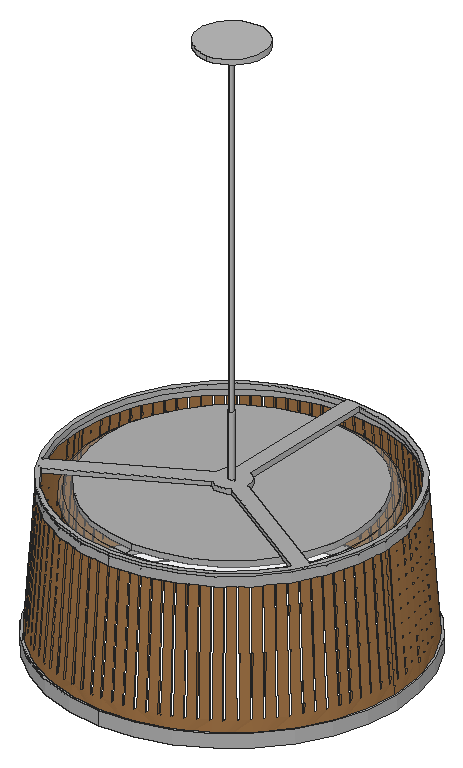
Revit family "Haworth_Solis Drum_Light_Small", category Lighting Fixtures, Revit 2018
Family settings
  Round Connector Dimension = Use Diameter
  Part Type = Normal
  OmniClass Number = 23.80.70.11.14
  OmniClass Title = General Luminaries, Directional
  Work Plane-Based = No
  Always vertical = Yes
  Cut with Voids When Loaded = No
  Light Source = Yes
  Shared = No
  Room Calculation Point = No
Parameters (values of type "HCPL-SDP1-24")
  Size = "Verify Final Dim. w/Haworth"  # constant formula
  Emit from Circle Diameter = 24"
  Cords Finish = Haworth _ Paint _ Metallic Silver
  Chrome Finish = Haworth _ Metal _ Chrome
  Base Radius Extrusion = 11 115/128"  # constant formula
  Base Radius = 11 221/256"  # constant formula
  Top Radius = 11 15/128"  # constant formula
  Wattage Comments = ""
  Wattage = 35 W
  Warranty = "https://www.haworth.com/resources/product-info/warranties"
  built-in parameter 1150110 = 1 (stored number, unit not read)
  URL - Product = "https://www.haworth.com/products/lighting/pendant/solis-drum"
  URL = "https://www.haworth.com/our-brands/haworth-collection"
  built-in parameter 1114217 = 1 (stored number, unit not read)
  Tilt Angle = 90.00°
  built-in parameter 1150109 = 1 (stored number, unit not read)
  built-in parameter 1150134 = (empty or 0)
  built-in parameter 1150113 = 1 (stored number, unit not read)
  Revision Number = "1"  # constant formula
  Photometric Web File = "generic"
  built-in parameter 1150142 = (empty or 0)
  Model = "HCPL-SDP1-24"
  Manufacturer = "Haworth"  # constant formula
  built-in parameter 1150105 = 197.75 (stored number, unit not read)
  Lumens = 2485 lm
  built-in parameter 1150115 = 1 (stored number, unit not read)
  built-in parameter 1150137 = (empty or 0)
  built-in parameter 1150139 = (empty or 0)
  built-in parameter 1150112 = 1 (stored number, unit not read)
  built-in parameter 1150114 = 1 (stored number, unit not read)
  Lamp Finish [instance] = Haworth _ Polyester _ Brown
  built-in parameter 1150132 = (empty or 0)
  built-in parameter 1150102 = (empty or 0)
  built-in parameter 1150107 = 2700 (stored number, unit not read)
  built-in parameter 1150138 = (empty or 0)
  built-in parameter 1150106 = 49.438 (stored number, unit not read)
  Glass Finish = Haworth _ Acrylic _ Clear
  Emit Shape Visible in Rendering = no
  built-in parameter 1150104 = 6.5961 (stored number, unit not read)
  Dimming Lamp Color Temperature Shift = Incandescent Lamp Curve
  Description = "Haworth Solis Drum Light Small Pendant Light\""
  Color Filter = 16777215
  built-in parameter 1114218 = 1 (stored number, unit not read)
  Author = "Haworth (Abd Rahman)"  # constant formula
  built-in parameter 1150133 = 2 (stored number, unit not read)
  Assembly Code = "D5020200"
  Actual Width = 24"  # constant formula
  Actual Height = 10"  # constant formula
  Actual Depth = 24"  # constant formula
Reference planes (in)
  plane 1 "Center F/B": y = 8.82887
  plane 2 "Base": z = 0
  plane 3 "Center L/R": x = -16.34139
  plane 4 "Cord Top": z = 120
  plane 5: x = -28.34139
  plane 6: x = -4.34139
  plane 7: y = 20.82887
  plane 8: y = -3.17113
  plane 9 "Bottom": z = 81.63819
  plane 10 "Cord": z = 119.65394
  plane 11: z = 91.63819
  plane 12: z = 81.75236
  plane 13 "Bottom Lamp": z = 88.51391
  plane 14 "Top Shape Lamp": z = 90.88819
Forms (in)
  Extrusion 1, solid, material "Haworth _ Metal _ Chrome" <- "Chrome Finish", not visible
    sketch origin (-0.25, 0, 81.63819) x (0, -1, 0) y (1, 0, 0)
      loop
        circle (-8.80391, -16.0922) r 12
      loop
        circle (-8.80391, -16.0922) r 11.7363
    from 0 to 0.11417
  Extrusion 2, solid, material "Haworth _ Metal _ Chrome" <- "Chrome Finish"
    sketch origin (0, 0, 81.63819) x (0, -1, 0) y (1, 0, 0)
      loop
        circle (-8.82887, -16.34139) r 11.05223
      loop
        circle (-8.82887, -16.34139) r 11.15603
    from 9.82744 to 9.17126
  Extrusion 3, solid, material "Haworth _ Paint _ Metallic Silver" <- "Cords Finish"
    sketch origin (0, 0, 120) x (0, -1, 0) y (1, 0, 0)
      loop
        circle (-8.82887, -16.34139) r 2.26953
    from -0.34606 to 0
  Extrusion 4, solid, material "Haworth _ Paint _ Metallic Silver" <- "Cords Finish"
    sketch origin (-0.2492, 0, 119.65394) x (0, -1, 0) y (1, 0, 0)
      loop
        circle (-8.80391, -16.0922) r 0.37244
    from -0.21655 to 0
  Extrusion 5, solid, material "Haworth _ Paint _ Metallic Silver" <- "Cords Finish"
    sketch origin (-0.2492, 0, 119.65394) x (0, -1, 0) y (1, 0, 0)
      loop
        circle (-8.80391, -16.0922) r 0.12504
    from -23.69029 to -0.21655
  Extrusion 6, solid, material "Haworth _ Paint _ Metallic Silver" <- "Cords Finish"
    sketch origin (-0.2492, 0, 119.65394) x (0, -1, 0) y (1, 0, 0)
      loop
        circle (-8.80391, -16.0922) r 0.20512
    from -28.18831 to -23.69029
  Revolve 7, solid, material "Haworth _ Polyester _ Brown" <- "Lamp Finish"
    sketch origin (0, 8.82887, 0.44531) x (1, 0, 0) y (0, 0, 1)
      loop
        line (-4.47811, 80.36413) -> (-5.22421, 90.36413) -> (-5.28911, 90.36413) -> (-4.51548, 80.36413) -> (-4.47811, 80.36413)
      axis (-16.34139, 80.36413) -> (-16.34139, 90.36413)
    angle from 0 to 360
  Extrusion 8, solid, material "Haworth _ Metal _ Chrome" <- "Chrome Finish"
    sketch origin (0, -1.39874, 90.88819) x (0, 1, 0) y (-1, 0, 0)
      loop
        arc (11.28864, 15.84179) -> (10.80282, 15.23612) -> (10.04832, 15.05288) r 1.20418
        line (10.04832, 15.05288) -> (5.21921, 6.68862)
        arc (5.21921, 6.68862) -> (15.65759, 6.92452) -> (21.08876, 15.84179) r 10.87773
        line (21.08876, 15.84179) -> (11.28864, 15.84179)
      loop
        line (11.20758, 16.84179) -> (21.08927, 16.84179)
        arc (21.08927, 16.84179) -> (15.65467, 25.75329) -> (5.21956, 25.99436) r 10.8851
        line (5.21956, 25.99436) -> (10.14721, 17.45943)
        arc (10.14721, 17.45943) -> (10.76014, 17.29267) -> (11.20758, 16.84179) r 1.22715
      loop
        line (9.23628, 17.03721) -> (4.35546, 25.49103)
        arc (4.35546, 25.49103) -> (-0.64365, 16.34709) -> (4.3644, 7.20805) r 10.8525
        line (4.3644, 7.20805) -> (9.17855, 15.54639)
        arc (9.17855, 15.54639) -> (8.95317, 16.30164) -> (9.23628, 17.03721) r 1.22078
      loop
        circle (10.2276, 16.34139) r 11.15344
    from 0.75 to 0.39844
  Extrusion 9, void
    sketch origin (0, -1.39874, 90.88819) x (0, 1, 0) y (-1, 0, 0)
      loop
        line (21.08457, 16.9668) -> (22.2175, 17.01395)
        arc (22.2175, 17.01395) -> (22.21166, 17.112) -> (22.20503, 17.21) r 12
        line (22.20503, 17.21) -> (21.07524, 17.11187) -> (21.08457, 16.9668)
      loop
        line (21.02209, 17.66192) -> (22.15231, 17.78183) -> (22.12717, 17.97677) -> (21.00349, 17.80608) -> (21.02209, 17.66192)
      loop
        line (20.91515, 18.35158) -> (22.03537, 18.54367) -> (21.9978, 18.73659) -> (20.88736, 18.49426) -> (20.91515, 18.35158)
      loop
        line (20.76421, 19.03296) -> (21.86981, 19.29642) -> (21.81996, 19.48653) -> (20.72733, 19.17355) -> (20.76421, 19.03296)
      loop
        line (20.55866, 19.6998) -> (21.65632, 20.03699) -> (21.59439, 20.22351) -> (20.51302, 19.83722) -> (20.55866, 19.6998)
      loop
        line (20.32226, 20.35561) -> (21.39578, 20.76233) -> (21.32203, 20.94449) -> (20.26791, 20.48983) -> (20.32226, 20.35561)
      loop
        line (21.08927, 21.46946) -> (21.00401, 21.6465) -> (19.98149, 21.12539) -> (20.04433, 20.99493) -> (21.08927, 21.46946)
      loop
        line (20.746, 22.15969) -> (20.64939, 22.33125) -> (19.65494, 21.7413) -> (19.72601, 21.61513) -> (20.746, 22.15969)
      loop
        line (20.3516, 22.82245) -> (20.2442, 22.98747) -> (19.2896, 22.33501) -> (19.3686, 22.21366) -> (20.3516, 22.82245)
      loop
        line (18.97358, 22.78806) -> (19.91557, 23.45859) -> (19.79781, 23.61638) -> (18.88696, 22.9041) -> (18.97358, 22.78806)
      loop
        line (18.4487, 23.44623) -> (18.54258, 23.33597) -> (19.43967, 24.06548) -> (19.31204, 24.21539) -> (18.4487, 23.44623)
      loop
        line (18.07735, 23.85514) -> (18.92585, 24.64062) -> (18.78888, 24.78206) -> (17.9766, 23.95916) -> (18.07735, 23.85514)
      loop
        line (17.57981, 24.34344) -> (18.37625, 25.18167) -> (18.2305, 25.31404) -> (17.47261, 24.44079) -> (17.57981, 24.34344)
      loop
        line (17.05201, 24.79886) -> (17.79311, 25.68639) -> (17.63917, 25.80915) -> (16.93879, 24.88913) -> (17.05201, 24.79886)
      loop
        line (16.49612, 25.21952) -> (17.17883, 26.15272) -> (17.01735, 26.26536) -> (16.37735, 25.30236) -> (16.49612, 25.21952)
      loop
        line (15.91442, 25.60371) -> (16.53593, 26.57873) -> (16.36756, 26.68079) -> (15.79058, 25.67876) -> (15.91442, 25.60371)
      loop
        line (15.30929, 25.94983) -> (15.86706, 26.96267) -> (15.6925, 27.05374) -> (15.1809, 26.0168) -> (15.30929, 25.94983)
      loop
        line (14.68324, 26.25648) -> (15.17497, 27.30297) -> (14.99493, 27.38267) -> (14.55082, 26.31508) -> (14.68324, 26.25648)
      loop
        line (14.03882, 26.52238) -> (14.46249, 27.59823) -> (14.27772, 27.66622) -> (13.90292, 26.57238) -> (14.03882, 26.52238)
      loop
        line (13.37869, 26.74645) -> (13.73256, 27.84723) -> (13.54381, 27.90325) -> (13.23987, 26.78764) -> (13.37869, 26.74645)
      loop
        line (12.70557, 26.92776) -> (12.98818, 28.04895) -> (12.79623, 28.09276) -> (12.56439, 26.95997) -> (12.70557, 26.92776)
      loop
        line (11.87925, 27.08867) -> (12.0222, 27.06557) -> (12.2324, 28.20257) -> (12.03804, 28.23399) -> (11.87925, 27.08867)
      loop
        line (11.33142, 27.15932) -> (11.46834, 28.30745) -> (11.27236, 28.32635) -> (11.18728, 27.17321) -> (11.33142, 27.15932)
      loop
        line (10.63604, 27.20862) -> (10.69912, 28.36316) -> (10.50233, 28.36947) -> (10.49131, 27.21325) -> (10.63604, 27.20862)
      loop
        line (-0.62936, 16.9668) -> (-0.62004, 17.11187) -> (-1.75235, 17.21022) -> (-1.76494, 17.01406) -> (-0.62936, 16.9668)
      loop
        line (-0.56688, 17.66192) -> (-0.54828, 17.80608) -> (-1.67197, 17.97677) -> (-1.6971, 17.78183) -> (-0.56688, 17.66192)
      loop
        line (-0.45995, 18.35158) -> (-0.43215, 18.49426) -> (-1.54259, 18.73659) -> (-1.58016, 18.54367) -> (-0.45995, 18.35158)
      loop
        line (-0.31047, 19.02736) -> (-0.27212, 19.17355) -> (-1.36475, 19.48653) -> (-1.41607, 19.29082) -> (-0.31047, 19.02736)
      loop
        line (-0.10577, 19.69284) -> (-0.06046, 19.82925) -> (-1.14935, 20.21822) -> (-1.21105, 20.03238) -> (-0.10577, 19.69284)
      loop
        line (0.12962, 20.34741) -> (0.18358, 20.48066) -> (-0.87814, 20.9386) -> (-0.95164, 20.75707) -> (0.12962, 20.34741)
      loop
        line (-0.64639, 21.46372) -> (0.4064, 20.98563) -> (0.4688, 21.11518) -> (-0.56141, 21.6402) -> (-0.64639, 21.46372)
      loop
        line (-0.29657, 22.14945) -> (0.72343, 21.60488) -> (0.79402, 21.7302) -> (-0.20043, 22.32015) -> (-0.29657, 22.14945)
      loop
        line (0.09643, 22.81143) -> (1.07943, 22.20264) -> (1.15792, 22.32321) -> (0.20332, 22.97566) -> (0.09643, 22.81143)
      loop
        line (1.47296, 22.77645) -> (1.55904, 22.89178) -> (0.6482, 23.60405) -> (0.53098, 23.44698) -> (1.47296, 22.77645)
      loop
        line (1.99574, 23.43358) -> (1.1324, 24.20275) -> (1.00533, 24.05348) -> (1.90242, 23.32398) -> (1.99574, 23.43358)
      loop
        line (2.36606, 23.84296) -> (2.46624, 23.94639) -> (1.65396, 24.7693) -> (1.51755, 24.62844) -> (2.36606, 23.84296)
      loop
        line (2.86199, 24.33127) -> (2.96864, 24.42811) -> (2.21075, 25.30136) -> (2.06556, 25.1695) -> (2.86199, 24.33127)
      loop
        line (3.38821, 24.78691) -> (3.50088, 24.87675) -> (2.8005, 25.79677) -> (2.64711, 25.67445) -> (3.38821, 24.78691)
      loop
        line (3.94256, 25.20799) -> (4.0608, 25.29046) -> (3.42081, 26.25347) -> (3.25985, 26.14119) -> (3.94256, 25.20799)
      loop
        line (4.52278, 25.59279) -> (4.64612, 25.66755) -> (4.06914, 26.66958) -> (3.90127, 26.56781) -> (4.52278, 25.59279)
      loop
        line (5.12652, 25.93972) -> (5.25445, 26.00645) -> (4.74285, 27.04338) -> (4.56875, 26.95255) -> (5.12652, 25.93972)
      loop
        line (5.7513, 26.24733) -> (5.88331, 26.30575) -> (5.4392, 27.37334) -> (5.25958, 27.29382) -> (5.7513, 26.24733)
      loop
        line (6.39458, 26.51436) -> (6.53012, 26.56422) -> (6.15532, 27.65807) -> (5.97091, 27.5902) -> (6.39458, 26.51436)
      loop
        line (7.05372, 26.73968) -> (7.19224, 26.78079) -> (6.8883, 27.8964) -> (6.69986, 27.84047) -> (7.05372, 26.73968)
      loop
        line (7.72604, 26.92237) -> (7.86697, 26.95453) -> (7.63513, 28.08732) -> (7.44342, 28.04357) -> (7.72604, 26.92237)
      loop
        line (8.55154, 27.08473) -> (8.39275, 28.23005) -> (8.19857, 28.19865) -> (8.40876, 27.06166) -> (8.55154, 27.08473)
      loop
        line (9.09911, 27.15694) -> (9.24314, 27.17082) -> (9.15806, 28.32396) -> (8.96219, 28.30507) -> (9.09911, 27.15694)
      loop
        line (9.79425, 27.20782) -> (9.93894, 27.21245) -> (9.92792, 28.36867) -> (9.73117, 28.36236) -> (9.79425, 27.20782)
      loop
        line (-0.62948, 15.71782) -> (-1.76505, 15.67056) -> (-1.75254, 15.47552) -> (-0.62023, 15.57387) -> (-0.62948, 15.71782)
      loop
        line (-0.56732, 15.02427) -> (-1.69754, 14.90436) -> (-1.67255, 14.71052) -> (-0.54887, 14.88121) -> (-0.56732, 15.02427)
      loop
        line (-0.46091, 14.33612) -> (-1.58112, 14.14404) -> (-1.54376, 13.95219) -> (-0.43332, 14.19452) -> (-0.46091, 14.33612)
      loop
        line (-0.31067, 13.65618) -> (-1.41627, 13.39272) -> (-1.36669, 13.20365) -> (-0.27406, 13.51663) -> (-0.31067, 13.65618)
      loop
        line (-0.10601, 12.99068) -> (-1.21129, 12.65113) -> (-1.14959, 12.46528) -> (-0.0607, 12.85425) -> (-0.10601, 12.99068)
      loop
        line (0.12934, 12.33607) -> (-0.95192, 11.92641) -> (-0.87842, 11.74487) -> (0.18331, 12.2028) -> (0.12934, 12.33607)
      loop
        line (-0.64671, 11.21972) -> (-0.56172, 11.04323) -> (0.46849, 11.56825) -> (0.40608, 11.69782) -> (-0.64671, 11.21972)
      loop
        line (-0.29692, 10.53395) -> (-0.20077, 10.36324) -> (0.79368, 10.95319) -> (0.72308, 11.07852) -> (-0.29692, 10.53395)
      loop
        line (0.09606, 9.87193) -> (0.20296, 9.70768) -> (1.15756, 10.36013) -> (1.07906, 10.48072) -> (0.09606, 9.87193)
      loop
        line (1.47257, 9.90685) -> (0.53059, 9.23633) -> (0.64782, 9.07924) -> (1.55866, 9.79151) -> (1.47257, 9.90685)
      loop
        line (1.99535, 9.24966) -> (1.90202, 9.35928) -> (1.00493, 8.62978) -> (1.13202, 8.48049) -> (1.99535, 9.24966)
      loop
        line (2.36565, 8.84025) -> (1.51714, 8.05477) -> (1.65357, 7.9139) -> (2.46585, 8.7368) -> (2.36565, 8.84025)
      loop
        line (2.86159, 8.35188) -> (2.06515, 7.51365) -> (2.21036, 7.38178) -> (2.96825, 8.25503) -> (2.86159, 8.35188)
      loop
        line (3.38781, 7.8962) -> (2.64671, 7.00866) -> (2.80012, 6.88632) -> (3.5005, 7.80634) -> (3.38781, 7.8962)
      loop
        line (3.94217, 7.47506) -> (3.25946, 6.54187) -> (3.42044, 6.42957) -> (4.06044, 7.39257) -> (3.94217, 7.47506)
      loop
        line (4.52242, 7.09021) -> (3.9009, 6.1152) -> (4.0688, 6.01342) -> (4.64578, 7.01544) -> (4.52242, 7.09021)
      loop
        line (5.12618, 6.74325) -> (4.56841, 5.73041) -> (4.74254, 5.63957) -> (5.25414, 6.6765) -> (5.12618, 6.74325)
      loop
        line (5.75099, 6.43559) -> (5.25926, 5.3891) -> (5.43891, 5.30957) -> (5.88302, 6.37716) -> (5.75099, 6.43559)
      loop
        line (6.39431, 6.16853) -> (5.97064, 5.09268) -> (6.15508, 5.02481) -> (6.52988, 6.11865) -> (6.39431, 6.16853)
      loop
        line (7.05349, 5.94317) -> (6.69962, 4.84239) -> (6.8881, 4.78645) -> (7.19204, 5.90206) -> (7.05349, 5.94317)
      loop
        line (7.72585, 5.76045) -> (7.44323, 4.63926) -> (7.63497, 4.5955) -> (7.86682, 5.72829) -> (7.72585, 5.76045)
      loop
        line (8.55143, 5.59807) -> (8.40862, 5.62115) -> (8.19842, 4.48416) -> (8.39264, 4.45276) -> (8.55143, 5.59807)
      loop
        line (9.09902, 5.52585) -> (8.9621, 4.37773) -> (9.15801, 4.35883) -> (9.24309, 5.51197) -> (9.09902, 5.52585)
      loop
        line (9.7942, 5.47497) -> (9.73113, 4.32043) -> (9.92791, 4.31412) -> (9.93894, 5.47034) -> (9.7942, 5.47497)
      loop
        line (21.08457, 15.71598) -> (21.07524, 15.57091) -> (22.20756, 15.47257) -> (22.22014, 15.66873) -> (21.08457, 15.71598)
      loop
        line (21.02209, 15.02087) -> (21.00349, 14.8767) -> (22.12717, 14.70601) -> (22.15231, 14.90095) -> (21.02209, 15.02087)
      loop
        line (20.91515, 14.3312) -> (20.88736, 14.18853) -> (21.9978, 13.9462) -> (22.03537, 14.13912) -> (20.91515, 14.3312)
      loop
        line (20.76421, 13.64983) -> (20.72733, 13.50923) -> (21.81996, 13.19625) -> (21.86981, 13.38637) -> (20.76421, 13.64983)
      loop
        line (20.55866, 12.98299) -> (20.51302, 12.84556) -> (21.60191, 12.45659) -> (21.66395, 12.64345) -> (20.55866, 12.98299)
      loop
        line (20.32226, 12.32718) -> (20.26791, 12.19295) -> (21.32964, 11.73502) -> (21.40352, 11.91752) -> (20.32226, 12.32718)
      loop
        line (21.09712, 11.20976) -> (20.04433, 11.68786) -> (19.98149, 11.55739) -> (21.0117, 11.03237) -> (21.09712, 11.20976)
      loop
        line (20.746, 10.52309) -> (19.72601, 11.06766) -> (19.65494, 10.94149) -> (20.64939, 10.35154) -> (20.746, 10.52309)
      loop
        line (20.3516, 9.86034) -> (19.3686, 10.46913) -> (19.2896, 10.34777) -> (20.2442, 9.69532) -> (20.3516, 9.86034)
      loop
        line (18.97358, 9.89473) -> (18.88696, 9.77868) -> (19.79781, 9.06641) -> (19.91557, 9.2242) -> (18.97358, 9.89473)
      loop
        line (18.4487, 9.23656) -> (19.31204, 8.46739) -> (19.43967, 8.61731) -> (18.54258, 9.34681) -> (18.4487, 9.23656)
      loop
        line (18.07735, 8.82764) -> (17.9766, 8.72363) -> (18.78888, 7.90073) -> (18.92585, 8.04216) -> (18.07735, 8.82764)
      loop
        line (17.57981, 8.33935) -> (17.47261, 8.242) -> (18.2305, 7.36875) -> (18.37625, 7.50111) -> (17.57981, 8.33935)
      loop
        line (17.05201, 7.88393) -> (16.93879, 7.79365) -> (17.63917, 6.87363) -> (17.79311, 6.99639) -> (17.05201, 7.88393)
      loop
        line (16.49612, 7.46326) -> (16.37735, 7.38042) -> (17.01735, 6.41742) -> (17.17883, 6.53007) -> (16.49612, 7.46326)
      loop
        line (15.91442, 7.07908) -> (15.79058, 7.00402) -> (16.36756, 6.00199) -> (16.53593, 6.10406) -> (15.91442, 7.07908)
      loop
        line (15.30929, 6.73295) -> (15.1809, 6.66598) -> (15.6925, 5.62905) -> (15.86706, 5.72012) -> (15.30929, 6.73295)
      loop
        line (14.68324, 6.42631) -> (14.55082, 6.3677) -> (14.99493, 5.30012) -> (15.17497, 5.37982) -> (14.68324, 6.42631)
      loop
        line (14.03882, 6.16041) -> (13.90292, 6.11041) -> (14.27772, 5.01656) -> (14.46249, 5.08456) -> (14.03882, 6.16041)
      loop
        line (13.37869, 5.93634) -> (13.23987, 5.89515) -> (13.54381, 4.77954) -> (13.73256, 4.83556) -> (13.37869, 5.93634)
      loop
        line (12.70557, 5.75503) -> (12.56439, 5.72281) -> (12.79623, 4.59002) -> (12.98818, 4.63383) -> (12.70557, 5.75503)
      loop
        line (11.87925, 5.59411) -> (12.03804, 4.44879) -> (12.2324, 4.48022) -> (12.0222, 5.61721) -> (11.87925, 5.59411)
      loop
        line (11.33142, 5.52346) -> (11.18728, 5.50957) -> (11.27236, 4.35643) -> (11.46834, 4.37534) -> (11.33142, 5.52346)
      loop
        line (10.63604, 5.47417) -> (10.49131, 5.46954) -> (10.50233, 4.31332) -> (10.69912, 4.31963) -> (10.63604, 5.47417)
      loop
        line (-0.64985, 16.26961) -> (-0.64058, 16.41377) -> (-1.7724, 16.43927) -> (-1.78492, 16.24404) -> (-0.64985, 16.26961)
      loop
        line (21.11279, 16.26887) -> (22.24113, 16.24346) -> (22.22853, 16.43985) -> (21.10343, 16.41451) -> (21.11279, 16.26887)
    from -8.40851 to 0
  Extrusion 10, solid, material "Haworth _ Metal _ Chrome" <- "Chrome Finish"
    sketch origin (-0.25, 0.03125, 81.75236) x (0, -1, 0) y (1, 0, 0)
      loop
        circle (-8.80391, -16.0922) r 12
      loop
        circle (-8.80391, -16.0922) r 11.7363
    from -0.94292 to 0
  Revolve 11, solid, material "Haworth _ Acrylic _ Clear" <- "Glass Finish"
    sketch origin (-16.34139, 0, -0.5625) x (0, 1, 0) y (0, 0, 1)
      loop
        arc (-0.76104, 91.45069) -> (-1.02585, 91.16553) -> (-0.87816, 90.8055) r 0.36121
        arc (-0.87816, 90.8055) -> (3.34733, 89.2218) -> (7.80896, 88.54603) r 21.70544
        arc (7.80896, 88.54603) -> (8.31881, 88.52536) -> (8.82887, 88.51049) r 44.95297
        line (8.82887, 88.51049) -> (8.82887, 91.45069) -> (-0.76104, 91.45069)
      axis (8.82887, 91.45069) -> (8.82887, 88.51049)
    angle from 0 to 360
  Extrusion 12, solid, material "Haworth _ Metal _ Chrome" <- "Chrome Finish"
    sketch origin (0, -1.39874, 90.88819) x (0, 1, 0) y (-1, 0, 0)
      loop
        circle (10.2276, 16.34033) r 9
    from 0.39844 to 0
Cuts and joins
  Extrusion 9 cuts Revolve 7
  joined: Extrusion 3, Extrusion 4, Extrusion 5, Extrusion 6
Lines and regions (in)
  Masking region 1
    outline origin (0, -1.39874, 90.88819) x (0, 1, 0) y (-1, 0, 0)
      loop
        circle (10.2276, 16.34139) r 12.01706
  symbolic lines, style "Haworth"
    curve 1: circle (-16.34139, 8.82887, 90.88819) r 11 normal (0, 0, 1)
    curve 2: circle (-16.34139, 8.82887, 90.88819) r 9.86174 normal (0, 0, 1)
    curve 3: circle (-16.34139, 8.82887, 90.88819) r 9.52764 normal (0, 0, 1)
    curve 4: line (-15.84179, 11.04273, 0) -> (-15.84179, 19.82219, 0)
    curve 5: line (-16.84179, 19.82219, 0) -> (-16.84179, 11.04254, 0)
    curve 6: line (-18.50532, 8.14462, 0) -> (-26.10532, 3.75676, 0)
    curve 7: line (-25.60532, 2.89074, 0) -> (-18.00117, 7.28099, 0)
    curve 8: line (-14.6819, 7.28069, 0) -> (-7.07634, 2.88963, 0)
    curve 9: line (-6.57634, 3.75565, 0) -> (-14.17759, 8.14423, 0)
    curve 10: line (-6.57634, 3.75565, 0) -> (-7.07634, 2.88963, 0)
    curve 11: line (-25.60532, 2.89074, 0) -> (-26.10532, 3.75676, 0)
    curve 12: line (-16.84179, 19.82219, 0) -> (-15.84179, 19.82219, 0)
    curve 13: circle (-16.34139, 8.82887, 0) r 2.26953 normal (0, 0, 1)
Dimensions and locks (in)
  "Actual Height": plane 11 to plane 9 "Bottom"
  plane 6 to plane 3 "Center L/R" to plane 5 = 12", 12"
  plane 7 to plane 8 = 24"
  "Base Radius": Revolve 7 sketch curve to plane 3 "Center L/R"
  "Top Radius": Revolve 7 sketch curve to plane 3 "Center L/R"
  "Actual Height": Revolve 7 sketch curve to Revolve 7 sketch curve
  "Actual Depth": plane 7 to plane 8
  "Actual Width": plane 5 to plane 6
  aligned and locked: plane 12 to Extrusion 1
  aligned and locked: Extrusion 3 to plane 10 "Cord"
  aligned and locked: Extrusion 3 to plane 4 "Cord Top"
  aligned and locked: plane 10 "Cord" to Extrusion 4
  aligned and locked: plane 3 "Center L/R" to Revolve 7 sketch curve
  aligned and locked: Extrusion 2 to cut or joined group of Revolve 7, Extrusion 9
  aligned and locked: Revolve 11 to plane 14 "Top Shape Lamp"
  aligned and locked: Extrusion 12 to plane 14 "Top Shape Lamp"
  aligned and locked: Extrusion 12 to Extrusion 8
Automatic sketch dimensions
  Extrusion 1 sketch curve to Extrusion 1 sketch curve = 0"  (x2)
  Extrusion 1 sketch curve to plane 3 "Center L/R" = 0.0008"
  plane 1 "Center F/B" to Extrusion 1 sketch curve = 0.02495"
  plane 1 "Center F/B" to Extrusion 4 sketch curve = 0.02495"
  plane 3 "Center L/R" to Extrusion 4 sketch curve = 0"
  plane 1 "Center F/B" to Extrusion 5 sketch curve = 0.02495"
  plane 3 "Center L/R" to Extrusion 5 sketch curve = 0"
  plane 1 "Center F/B" to Extrusion 6 sketch curve = 0.02495"
  plane 3 "Center L/R" to Extrusion 6 sketch curve = 0"
  Extrusion 10 sketch curve to Extrusion 10 sketch curve = 0"  (x2)
  Extrusion 10 sketch curve to plane 3 "Center L/R" = 0.0008"
  Extrusion 10 sketch curve to plane 1 "Center F/B" = 0.0063"
  Extrusion 9 sketch curve to plane 8 = 0.01253"
  Extrusion 9 sketch curve to plane 8 = 0"
  plane 8 to Extrusion 9 sketch curve = 0.00734"
  plane 8 to Extrusion 9 sketch curve = 0.00746"
  plane 8 to Extrusion 9 sketch curve = 0.01985"
  plane 8 to Extrusion 9 sketch curve = 0.02004"
  plane 8 to Extrusion 9 sketch curve = 0.07486"
  plane 8 to Extrusion 9 sketch curve = 0.0753"
  plane 8 to Extrusion 9 sketch curve = 0.09985"
  plane 8 to Extrusion 9 sketch curve = 0.10043"
  plane 8 to Extrusion 9 sketch curve = 0.19128"
  plane 8 to Extrusion 9 sketch curve = 0.19224"
  Extrusion 9 sketch curve to Extrusion 9 sketch curve = 0.03736"
  Extrusion 9 sketch curve to Extrusion 9 sketch curve = 0.03757"
  plane 8 to Extrusion 9 sketch curve = 0.35613"
  plane 8 to Extrusion 9 sketch curve = 0.35633"
  Extrusion 9 sketch curve to Extrusion 9 sketch curve = 0.04958"
  Extrusion 9 sketch curve to Extrusion 9 sketch curve = 0.05132"
  plane 8 to Extrusion 9 sketch curve = 0.5611"
  plane 8 to Extrusion 9 sketch curve = 0.56134"
  Extrusion 9 sketch curve to Extrusion 9 sketch curve = 0.06171"  (x2)
  Extrusion 9 sketch curve to Extrusion 9 sketch curve = 0.19767"
  Extrusion 9 sketch curve to Extrusion 9 sketch curve = 0.19771"
  Extrusion 9 sketch curve to Extrusion 9 sketch curve = 0.0735"
  Extrusion 9 sketch curve to Extrusion 9 sketch curve = 0.07349"
  plane 3 "Center L/R" to Extrusion 9 sketch curve = 0.07178"
  plane 8 to Extrusion 9 sketch curve = 1.12255"
  Extrusion 9 sketch curve to Extrusion 9 sketch curve = 0.23171"
  Extrusion 9 sketch curve to Extrusion 9 sketch curve = 0.23175"
  Extrusion 9 sketch curve to plane 3 "Center L/R" = 0.07238"
  Extrusion 9 sketch curve to Extrusion 9 sketch curve = 0.00927"
  Extrusion 9 sketch curve to Extrusion 9 sketch curve = 0.02036"
  Extrusion 9 sketch curve to Extrusion 9 sketch curve = 0.01122"
  Extrusion 9 sketch curve to Extrusion 9 sketch curve = 0.00925"
  Extrusion 9 sketch curve to Extrusion 9 sketch curve = 0.00932"  (x3)
  Extrusion 9 sketch curve to Extrusion 9 sketch curve = 0.0529"
  Extrusion 9 sketch curve to Extrusion 9 sketch curve = 0.05315"  (x2)
  Extrusion 9 sketch curve to Extrusion 9 sketch curve = 0.08499"  (x2)
  Extrusion 9 sketch curve to Extrusion 9 sketch curve = 0.01846"
  Extrusion 9 sketch curve to Extrusion 9 sketch curve = 0.0186"  (x3)
  Extrusion 9 sketch curve to Extrusion 9 sketch curve = 0.08796"
  Extrusion 9 sketch curve to Extrusion 9 sketch curve = 0.08834"  (x3)
  Extrusion 9 sketch curve to Extrusion 9 sketch curve = 0.02759"
  Extrusion 9 sketch curve to Extrusion 9 sketch curve = 0.0278"  (x3)
  Extrusion 9 sketch curve to Extrusion 9 sketch curve = 0.12265"
  Extrusion 9 sketch curve to Extrusion 9 sketch curve = 0.12168"
  Extrusion 9 sketch curve to Extrusion 9 sketch curve = 0.2648"
  Extrusion 9 sketch curve to Extrusion 9 sketch curve = 0.26484"
  Extrusion 9 sketch curve to Extrusion 9 sketch curve = 0.03661"
  Extrusion 9 sketch curve to Extrusion 9 sketch curve = 0.03835"
  Extrusion 9 sketch curve to Extrusion 9 sketch curve = 0.09614"  (x2)
  Extrusion 9 sketch curve to Extrusion 9 sketch curve = 0.16805"
  Extrusion 9 sketch curve to Extrusion 9 sketch curve = 0.16635"
  Extrusion 9 sketch curve to Extrusion 9 sketch curve = 0.04531"
  Extrusion 9 sketch curve to Extrusion 9 sketch curve = 0.0453"
  Extrusion 9 sketch curve to Extrusion 9 sketch curve = 0.29683"
  Extrusion 9 sketch curve to Extrusion 9 sketch curve = 19/64"
  Extrusion 9 sketch curve to Extrusion 9 sketch curve = 0.19004"
  Extrusion 9 sketch curve to Extrusion 9 sketch curve = 0.19009"
  Extrusion 9 sketch curve to Extrusion 9 sketch curve = 0.05397"
  Extrusion 9 sketch curve to Extrusion 9 sketch curve = 0.05396"
  Extrusion 9 sketch curve to Extrusion 9 sketch curve = 0.1069"
  Extrusion 9 sketch curve to Extrusion 9 sketch curve = 0.10688"
  Extrusion 9 sketch curve to Extrusion 9 sketch curve = 0.22277"
  Extrusion 9 sketch curve to Extrusion 9 sketch curve = 0.22281"
  Extrusion 9 sketch curve to Extrusion 9 sketch curve = 0.06241"
  Extrusion 9 sketch curve to Extrusion 9 sketch curve = 0.0624"
  Extrusion 9 sketch curve to Extrusion 9 sketch curve = 0.32763"
  Extrusion 9 sketch curve to Extrusion 9 sketch curve = 0.32766"
  Extrusion 9 sketch curve to Extrusion 9 sketch curve = 0.11724"
  Extrusion 9 sketch curve to Extrusion 9 sketch curve = 0.11722"
  Extrusion 9 sketch curve to Extrusion 9 sketch curve = 0.25459"
  Extrusion 9 sketch curve to Extrusion 9 sketch curve = 0.25463"
  Extrusion 9 sketch curve to Extrusion 9 sketch curve = 0.0706"
  Extrusion 9 sketch curve to Extrusion 9 sketch curve = 0.07059"
  Extrusion 9 sketch curve to Extrusion 9 sketch curve = 0.35711"
  Extrusion 9 sketch curve to Extrusion 9 sketch curve = 0.35713"
  Extrusion 9 sketch curve to Extrusion 9 sketch curve = 0.28538"
  Extrusion 9 sketch curve to Extrusion 9 sketch curve = 0.28542"
  Extrusion 9 sketch curve to Extrusion 9 sketch curve = 0.12709"
  Extrusion 9 sketch curve to Extrusion 9 sketch curve = 0.12707"
  Extrusion 9 sketch curve to Extrusion 9 sketch curve = 0.0785"
  Extrusion 9 sketch curve to Extrusion 9 sketch curve = 0.07849"
  Extrusion 9 sketch curve to Extrusion 9 sketch curve = 0.31501"
  Extrusion 9 sketch curve to Extrusion 9 sketch curve = 0.31504"
  Extrusion 9 sketch curve to Extrusion 9 sketch curve = 0.38513"
  Extrusion 9 sketch curve to Extrusion 9 sketch curve = 0.38515"
  Extrusion 9 sketch curve to Extrusion 9 sketch curve = 0.08609"
  Extrusion 9 sketch curve to Extrusion 9 sketch curve = 0.08608"
  Extrusion 9 sketch curve to Extrusion 9 sketch curve = 0.13643"  (x2)
  Extrusion 9 sketch curve to Extrusion 9 sketch curve = 0.13641"
  Extrusion 9 sketch curve to Extrusion 9 sketch curve = 0.34335"
  Extrusion 9 sketch curve to Extrusion 9 sketch curve = 0.34338"
  Extrusion 9 sketch curve to Extrusion 9 sketch curve = 0.09334"
  Extrusion 9 sketch curve to Extrusion 9 sketch curve = 0.09332"
  Extrusion 9 sketch curve to Extrusion 9 sketch curve = 0.41158"
  Extrusion 9 sketch curve to Extrusion 9 sketch curve = 0.4116"
  Extrusion 9 sketch curve to Extrusion 9 sketch curve = 0.14521"
  Extrusion 9 sketch curve to Extrusion 9 sketch curve = 0.14519"
  Extrusion 9 sketch curve to Extrusion 9 sketch curve = 0.3703"
  Extrusion 9 sketch curve to Extrusion 9 sketch curve = 0.37032"
  Extrusion 9 sketch curve to Extrusion 9 sketch curve = 0.1002"
  Extrusion 9 sketch curve to Extrusion 9 sketch curve = 0.10019"
  Extrusion 9 sketch curve to Extrusion 9 sketch curve = 0.43635"
  Extrusion 9 sketch curve to Extrusion 9 sketch curve = 0.43636"
  Extrusion 9 sketch curve to Extrusion 9 sketch curve = 0.15341"
  Extrusion 9 sketch curve to Extrusion 9 sketch curve = 0.15339"
  Extrusion 9 sketch curve to Extrusion 9 sketch curve = 0.39573"
  Extrusion 9 sketch curve to Extrusion 9 sketch curve = 0.39575"
  Extrusion 9 sketch curve to Extrusion 9 sketch curve = 0.10667"
  Extrusion 9 sketch curve to Extrusion 9 sketch curve = 0.10665"
  Extrusion 9 sketch curve to plane 6 = 2.20047"
  Extrusion 9 sketch curve to Extrusion 9 sketch curve = 0.45934"
  plane 5 to Extrusion 9 sketch curve = 2.2002"
  Extrusion 9 sketch curve to Extrusion 9 sketch curve = 0.45935"
  Extrusion 9 sketch curve to Extrusion 9 sketch curve = 0.41955"
  Extrusion 9 sketch curve to Extrusion 9 sketch curve = 0.41957"
  Extrusion 9 sketch curve to plane 6 = 2.08818"
  Extrusion 9 sketch curve to Extrusion 9 sketch curve = 0.16098"
  plane 5 to Extrusion 9 sketch curve = 2.08793"
  Extrusion 9 sketch curve to Extrusion 9 sketch curve = 0.16095"
  Extrusion 9 sketch curve to Extrusion 9 sketch curve = 0.1127"
  Extrusion 9 sketch curve to Extrusion 9 sketch curve = 0.11268"
  Extrusion 9 sketch curve to plane 6 = 1.7738"
  Extrusion 9 sketch curve to Extrusion 9 sketch curve = 123/256"  (x2)
  plane 5 to Extrusion 9 sketch curve = 1.77358"
  Extrusion 9 sketch curve to Extrusion 9 sketch curve = 0.44167"  (x2)
  Extrusion 9 sketch curve to Extrusion 9 sketch curve = 0.11827"
  Extrusion 9 sketch curve to Extrusion 9 sketch curve = 0.11825"
  Extrusion 9 sketch curve to plane 6 = 1.67202"
  Extrusion 9 sketch curve to Extrusion 9 sketch curve = 0.1679"
  plane 5 to Extrusion 9 sketch curve = 1.67182"
  Extrusion 9 sketch curve to Extrusion 9 sketch curve = 0.16787"
  Extrusion 9 sketch curve to plane 6 = 2.74882"
  Extrusion 9 sketch curve to Extrusion 9 sketch curve = 0.46198"  (x2)
  plane 5 to Extrusion 9 sketch curve = 2.7486"
  Extrusion 9 sketch curve to plane 6 = 1.38902"
  Extrusion 9 sketch curve to Extrusion 9 sketch curve = 0.49961"  (x2)
  plane 5 to Extrusion 9 sketch curve = 1.38884"
  Extrusion 9 sketch curve to plane 6 = 2.67405"
  Extrusion 9 sketch curve to Extrusion 9 sketch curve = 0.12337"
  plane 5 to Extrusion 9 sketch curve = 2.67384"
  Extrusion 9 sketch curve to Extrusion 9 sketch curve = 0.12334"
  Extrusion 9 sketch curve to plane 6 = 1.29818"
  Extrusion 9 sketch curve to Extrusion 9 sketch curve = 0.17413"
  plane 5 to Extrusion 9 sketch curve = 1.29801"
  Extrusion 9 sketch curve to Extrusion 9 sketch curve = 0.1741"
  Extrusion 9 sketch curve to plane 6 = 2.40185"
  Extrusion 9 sketch curve to Extrusion 9 sketch curve = 0.4804"  (x2)
  plane 5 to Extrusion 9 sketch curve = 2.40168"
  Extrusion 9 sketch curve to plane 6 = 2.33511"
  Extrusion 9 sketch curve to Extrusion 9 sketch curve = 0.12796"
  plane 5 to Extrusion 9 sketch curve = 2.33495"
  Extrusion 9 sketch curve to Extrusion 9 sketch curve = 0.12793"
  Extrusion 9 sketch curve to plane 6 = 1.04771"
  Extrusion 9 sketch curve to Extrusion 9 sketch curve = 0.51672"  (x2)
  plane 5 to Extrusion 9 sketch curve = 1.04757"
  Extrusion 9 sketch curve to plane 6 = 0.96818"
  Extrusion 9 sketch curve to Extrusion 9 sketch curve = 0.17965"
  plane 5 to Extrusion 9 sketch curve = 0.96806"
  Extrusion 9 sketch curve to Extrusion 9 sketch curve = 0.17962"
  Extrusion 9 sketch curve to plane 6 = 2.0942"
  Extrusion 9 sketch curve to Extrusion 9 sketch curve = 0.49685"  (x2)
  plane 5 to Extrusion 9 sketch curve = 2.09406"
  Extrusion 9 sketch curve to plane 6 = 2.03576"
  Extrusion 9 sketch curve to Extrusion 9 sketch curve = 0.13203"
  plane 5 to Extrusion 9 sketch curve = 2.03564"
  Extrusion 9 sketch curve to Extrusion 9 sketch curve = 0.132"
  Extrusion 9 sketch curve to plane 6 = 0.75129"
  Extrusion 9 sketch curve to Extrusion 9 sketch curve = 0.53172"  (x2)
  plane 5 to Extrusion 9 sketch curve = 0.75119"
  Extrusion 9 sketch curve to plane 6 = 0.68341"
  Extrusion 9 sketch curve to Extrusion 9 sketch curve = 0.18444"
  plane 5 to Extrusion 9 sketch curve = 0.68332"
  Extrusion 9 sketch curve to Extrusion 9 sketch curve = 0.18441"
  Extrusion 9 sketch curve to plane 6 = 1.82714"
  Extrusion 9 sketch curve to Extrusion 9 sketch curve = 0.51128"
  plane 5 to Extrusion 9 sketch curve = 1.82704"
  Extrusion 9 sketch curve to Extrusion 9 sketch curve = 0.51127"
  Extrusion 9 sketch curve to plane 6 = 1.77726"
  Extrusion 9 sketch curve to Extrusion 9 sketch curve = 0.13557"
  plane 5 to Extrusion 9 sketch curve = 1.77717"
  Extrusion 9 sketch curve to Extrusion 9 sketch curve = 0.13554"
  Extrusion 9 sketch curve to plane 6 = 0.501"
  Extrusion 9 sketch curve to Extrusion 9 sketch curve = 0.54454"
  plane 5 to Extrusion 9 sketch curve = 0.50093"
  Extrusion 9 sketch curve to Extrusion 9 sketch curve = 0.54453"
  Extrusion 9 sketch curve to plane 6 = 0.44506"
  Extrusion 9 sketch curve to Extrusion 9 sketch curve = 0.18848"
  plane 5 to Extrusion 9 sketch curve = 0.445"
  Extrusion 9 sketch curve to Extrusion 9 sketch curve = 0.18844"
  Extrusion 9 sketch curve to Extrusion 9 sketch curve = 0.52361"  (x2)
  Extrusion 9 sketch curve to Extrusion 9 sketch curve = 0.13855"
  Extrusion 9 sketch curve to Extrusion 9 sketch curve = 0.13852"
  Extrusion 9 sketch curve to plane 6 = 0.29787"
  Extrusion 9 sketch curve to Extrusion 9 sketch curve = 0.55513"
  plane 5 to Extrusion 9 sketch curve = 0.29783"
  Extrusion 9 sketch curve to Extrusion 9 sketch curve = 0.55512"
  Extrusion 9 sketch curve to plane 6 = 0.25411"
  Extrusion 9 sketch curve to Extrusion 9 sketch curve = 0.19174"
  plane 5 to Extrusion 9 sketch curve = 0.25407"
  Extrusion 9 sketch curve to Extrusion 9 sketch curve = 0.19171"
  Extrusion 9 sketch curve to Extrusion 9 sketch curve = 0.5338"
  Extrusion 9 sketch curve to Extrusion 9 sketch curve = 0.53379"
  Extrusion 9 sketch curve to Extrusion 9 sketch curve = 0.14097"
  Extrusion 9 sketch curve to Extrusion 9 sketch curve = 0.14094"
  Extrusion 9 sketch curve to plane 6 = 0.14276"
  Extrusion 9 sketch curve to Extrusion 9 sketch curve = 0.56345"
  plane 5 to Extrusion 9 sketch curve = 0.14274"
  Extrusion 9 sketch curve to Extrusion 9 sketch curve = 0.56344"
  Extrusion 9 sketch curve to plane 6 = 0.11136"
  Extrusion 9 sketch curve to Extrusion 9 sketch curve = 0.19422"
  plane 5 to Extrusion 9 sketch curve = 0.11135"
  Extrusion 9 sketch curve to Extrusion 9 sketch curve = 0.19419"
  Extrusion 9 sketch curve to Extrusion 9 sketch curve = 0.54181"
  Extrusion 9 sketch curve to Extrusion 9 sketch curve = 0.54179"
  Extrusion 9 sketch curve to Extrusion 9 sketch curve = 0.14281"
  Extrusion 9 sketch curve to Extrusion 9 sketch curve = 0.14278"
  Extrusion 9 sketch curve to plane 6 = 0.03633"
  Extrusion 9 sketch curve to Extrusion 9 sketch curve = 0.56945"
  plane 5 to Extrusion 9 sketch curve = 0.03632"
  Extrusion 9 sketch curve to Extrusion 9 sketch curve = 0.56944"
  Extrusion 9 sketch curve to Extrusion 9 sketch curve = 0.54758"
  Extrusion 9 sketch curve to Extrusion 9 sketch curve = 0.54757"
  Extrusion 9 sketch curve to plane 6 = 0.01744"
  Extrusion 9 sketch curve to Extrusion 9 sketch curve = 0.19591"
  plane 5 to Extrusion 9 sketch curve = 0.01743"
  Extrusion 9 sketch curve to Extrusion 9 sketch curve = 0.19587"
  Extrusion 9 sketch curve to Extrusion 9 sketch curve = 0.14407"
  Extrusion 9 sketch curve to Extrusion 9 sketch curve = 0.14403"
  plane 6 to Extrusion 9 sketch curve = 0.02096"
  plane 1 "Center F/B" to Extrusion 9 sketch curve = 0.49648"
  Extrusion 9 sketch curve to plane 5 = 0.02097"
  plane 1 "Center F/B" to Extrusion 9 sketch curve = 0.49643"
  plane 1 "Center F/B" to Extrusion 9 sketch curve = 0.4334"
  plane 1 "Center F/B" to Extrusion 9 sketch curve = 0.43336"
  plane 6 to Extrusion 9 sketch curve = 0.02727"
  Extrusion 9 sketch curve to Extrusion 9 sketch curve = 0.19679"  (x3)
  Extrusion 9 sketch curve to plane 5 = 0.02727"
  Extrusion 9 sketch curve to Extrusion 9 sketch curve = 0.19675"
  Extrusion 9 sketch curve to Extrusion 9 sketch curve = 0.14473"  (x3)
  Extrusion 9 sketch curve to Extrusion 9 sketch curve = 0.1447"
  Extrusion 9 sketch curve to plane 1 "Center F/B" = 0.00828"
  Extrusion 9 sketch curve to plane 1 "Center F/B" = 0.2637"  (x2)
  Extrusion 9 sketch curve to plane 5 = 0.02807"
  Extrusion 9 sketch curve to plane 1 "Center F/B" = 0.27473"  (x2)
  plane 6 to Extrusion 9 sketch curve = 0.02807"
  Extrusion 9 sketch curve to plane 5 = 0.02176"
  plane 6 to Extrusion 9 sketch curve = 0.02176"
  Extrusion 9 sketch curve to Extrusion 9 sketch curve = 0.55123"  (x2)
  plane 5 to Extrusion 9 sketch curve = 0.01504"
  Extrusion 9 sketch curve to Extrusion 9 sketch curve = 0.57324"  (x2)
  Extrusion 9 sketch curve to plane 6 = 0.01504"
  Extrusion 9 sketch curve to Extrusion 9 sketch curve = 0.14414"  (x2)
  plane 5 to Extrusion 9 sketch curve = 0.03394"
  Extrusion 9 sketch curve to Extrusion 9 sketch curve = 0.19598"  (x2)
  Extrusion 9 sketch curve to plane 6 = 0.03394"
  Extrusion 9 sketch curve to Extrusion 9 sketch curve = 0.54783"  (x2)
  Extrusion 9 sketch curve to Extrusion 9 sketch curve = 0.14295"  (x2)
  Extrusion 9 sketch curve to plane 6 = 0.1074"
  Extrusion 9 sketch curve to Extrusion 9 sketch curve = 0.5697"  (x2)
  plane 5 to Extrusion 9 sketch curve = 0.1074"
  plane 5 to Extrusion 9 sketch curve = 0.13882"
  Extrusion 9 sketch curve to Extrusion 9 sketch curve = 0.19436"  (x2)
  Extrusion 9 sketch curve to plane 6 = 0.13882"
  Extrusion 9 sketch curve to Extrusion 9 sketch curve = 0.54218"  (x2)
  Extrusion 9 sketch curve to Extrusion 9 sketch curve = 0.14118"  (x2)
  plane 5 to Extrusion 9 sketch curve = 0.24863"
  Extrusion 9 sketch curve to Extrusion 9 sketch curve = 0.56383"  (x2)
  Extrusion 9 sketch curve to plane 6 = 0.24863"
  plane 5 to Extrusion 9 sketch curve = 0.29244"
  Extrusion 9 sketch curve to Extrusion 9 sketch curve = 0.19195"  (x2)
  Extrusion 9 sketch curve to plane 6 = 0.29244"
  Extrusion 9 sketch curve to Extrusion 9 sketch curve = 0.5343"  (x2)
  Extrusion 9 sketch curve to Extrusion 9 sketch curve = 0.13883"  (x2)
  plane 5 to Extrusion 9 sketch curve = 0.43814"
  Extrusion 9 sketch curve to Extrusion 9 sketch curve = 0.55563"  (x2)
  Extrusion 9 sketch curve to plane 6 = 0.43814"
  Extrusion 9 sketch curve to plane 6 = 0.49416"
  Extrusion 9 sketch curve to Extrusion 9 sketch curve = 0.18875"  (x2)
  plane 5 to Extrusion 9 sketch curve = 0.49416"
  plane 5 to Extrusion 9 sketch curve = 1.76901"
  Extrusion 9 sketch curve to Extrusion 9 sketch curve = 0.52423"  (x2)
  Extrusion 9 sketch curve to plane 6 = 1.76901"
  Extrusion 9 sketch curve to plane 6 = 1.81901"
  Extrusion 9 sketch curve to Extrusion 9 sketch curve = 0.1359"  (x2)
  plane 5 to Extrusion 9 sketch curve = 1.81901"
  Extrusion 9 sketch curve to plane 6 = 0.67517"
  Extrusion 9 sketch curve to Extrusion 9 sketch curve = 0.54516"  (x2)
  plane 5 to Extrusion 9 sketch curve = 0.67517"
  Extrusion 9 sketch curve to plane 6 = 0.74317"
  Extrusion 9 sketch curve to Extrusion 9 sketch curve = 0.18477"  (x2)
  plane 5 to Extrusion 9 sketch curve = 0.74317"
  plane 5 to Extrusion 9 sketch curve = 2.02631"
  Extrusion 9 sketch curve to Extrusion 9 sketch curve = 0.512"  (x2)
  Extrusion 9 sketch curve to plane 6 = 2.02631"
  Extrusion 9 sketch curve to plane 6 = 2.08492"
  Extrusion 9 sketch curve to Extrusion 9 sketch curve = 0.13242"  (x2)
  plane 5 to Extrusion 9 sketch curve = 2.08492"
  Extrusion 9 sketch curve to plane 6 = 0.95873"
  Extrusion 9 sketch curve to Extrusion 9 sketch curve = 0.53244"  (x2)
  plane 5 to Extrusion 9 sketch curve = 0.95873"
  Extrusion 9 sketch curve to plane 6 = 1.03842"
  Extrusion 9 sketch curve to Extrusion 9 sketch curve = 0.18004"  (x2)
  plane 5 to Extrusion 9 sketch curve = 1.03842"
  Extrusion 9 sketch curve to plane 6 = 2.32459"
  Extrusion 9 sketch curve to Extrusion 9 sketch curve = 0.49766"  (x2)
  plane 5 to Extrusion 9 sketch curve = 2.32459"
  plane 5 to Extrusion 9 sketch curve = 2.39156"
  Extrusion 9 sketch curve to Extrusion 9 sketch curve = 0.12839"  (x2)
  Extrusion 9 sketch curve to plane 6 = 2.39156"
  Extrusion 9 sketch curve to plane 6 = 1.28765"
  Extrusion 9 sketch curve to Extrusion 9 sketch curve = 0.51753"  (x2)
  plane 5 to Extrusion 9 sketch curve = 1.28765"
  Extrusion 9 sketch curve to plane 6 = 2.66263"
  Extrusion 9 sketch curve to Extrusion 9 sketch curve = 0.48128"  (x2)
  plane 5 to Extrusion 9 sketch curve = 2.66263"
  Extrusion 9 sketch curve to plane 6 = 1.37872"
  Extrusion 9 sketch curve to Extrusion 9 sketch curve = 0.17456"  (x2)
  plane 5 to Extrusion 9 sketch curve = 1.37872"
  plane 5 to Extrusion 9 sketch curve = 2.73769"
  Extrusion 9 sketch curve to Extrusion 9 sketch curve = 0.12384"  (x2)
  Extrusion 9 sketch curve to plane 6 = 2.73769"
  plane 5 to Extrusion 9 sketch curve = 1.6606"
  Extrusion 9 sketch curve to Extrusion 9 sketch curve = 0.5005"  (x2)
  Extrusion 9 sketch curve to plane 6 = 1.6606"
  Extrusion 9 sketch curve to Extrusion 9 sketch curve = 0.46293"  (x2)
  Extrusion 9 sketch curve to Extrusion 9 sketch curve = 0.11877"  (x2)
  Extrusion 9 sketch curve to plane 6 = 1.76267"
  Extrusion 9 sketch curve to Extrusion 9 sketch curve = 0.16837"  (x2)
  plane 5 to Extrusion 9 sketch curve = 1.76267"
  Extrusion 9 sketch curve to Extrusion 9 sketch curve = 0.44267"  (x2)
  Extrusion 9 sketch curve to plane 6 = 2.07603"
  Extrusion 9 sketch curve to Extrusion 9 sketch curve = 0.48141"  (x2)
  plane 5 to Extrusion 9 sketch curve = 2.07603"
  Extrusion 9 sketch curve to Extrusion 9 sketch curve = 0.11322"  (x2)
  plane 5 to Extrusion 9 sketch curve = 2.18867"
  Extrusion 9 sketch curve to Extrusion 9 sketch curve = 0.16148"  (x2)
  Extrusion 9 sketch curve to plane 6 = 2.18867"
  Extrusion 9 sketch curve to Extrusion 9 sketch curve = 0.42059"  (x2)
  Extrusion 9 sketch curve to Extrusion 9 sketch curve = 0.10721"  (x2)
  Extrusion 9 sketch curve to Extrusion 9 sketch curve = 0.46035"  (x2)
  Extrusion 9 sketch curve to Extrusion 9 sketch curve = 0.15393"  (x2)
  Extrusion 9 sketch curve to Extrusion 9 sketch curve = 0.39679"  (x2)
  Extrusion 9 sketch curve to Extrusion 9 sketch curve = 0.10075"  (x2)
  Extrusion 9 sketch curve to Extrusion 9 sketch curve = 0.43739"  (x2)
  Extrusion 9 sketch curve to Extrusion 9 sketch curve = 0.14575"  (x2)
  Extrusion 9 sketch curve to Extrusion 9 sketch curve = 0.37135"  (x2)
  Extrusion 9 sketch curve to Extrusion 9 sketch curve = 0.09388"  (x2)
  Extrusion 9 sketch curve to Extrusion 9 sketch curve = 0.41263"  (x2)
  Extrusion 9 sketch curve to Extrusion 9 sketch curve = 0.34439"  (x2)
  Extrusion 9 sketch curve to Extrusion 9 sketch curve = 0.13697"  (x2)
  Extrusion 9 sketch curve to Extrusion 9 sketch curve = 0.08662"  (x2)
  Extrusion 9 sketch curve to Extrusion 9 sketch curve = 0.31601"  (x2)
  Extrusion 9 sketch curve to Extrusion 9 sketch curve = 0.38618"  (x2)
  Extrusion 9 sketch curve to Extrusion 9 sketch curve = 0.07901"  (x2)
  Extrusion 9 sketch curve to Extrusion 9 sketch curve = 0.12763"  (x2)
  Extrusion 9 sketch curve to Extrusion 9 sketch curve = 0.28634"  (x2)
  Extrusion 9 sketch curve to Extrusion 9 sketch curve = 0.07107"  (x2)
  Extrusion 9 sketch curve to Extrusion 9 sketch curve = 0.35814"  (x2)
  Extrusion 9 sketch curve to Extrusion 9 sketch curve = 0.11776"  (x2)
  Extrusion 9 sketch curve to Extrusion 9 sketch curve = 0.25548"  (x2)
  Extrusion 9 sketch curve to Extrusion 9 sketch curve = 0.06284"  (x2)
  Extrusion 9 sketch curve to Extrusion 9 sketch curve = 0.32863"  (x2)
  Extrusion 9 sketch curve to Extrusion 9 sketch curve = 0.22358"  (x2)
  Extrusion 9 sketch curve to Extrusion 9 sketch curve = 0.05435"  (x2)
  Extrusion 9 sketch curve to Extrusion 9 sketch curve = 0.1074"  (x2)
  Extrusion 9 sketch curve to Extrusion 9 sketch curve = 0.19076"  (x2)
  Extrusion 9 sketch curve to Extrusion 9 sketch curve = 0.04564"  (x2)
  Extrusion 9 sketch curve to Extrusion 9 sketch curve = 0.29778"  (x2)
  Extrusion 9 sketch curve to Extrusion 9 sketch curve = 0.16866"  (x2)
  Extrusion 9 sketch curve to Extrusion 9 sketch curve = 0.09662"  (x2)
  Extrusion 9 sketch curve to Extrusion 9 sketch curve = 0.03688"  (x2)
  Extrusion 9 sketch curve to Extrusion 9 sketch curve = 0.12315"  (x2)
  Extrusion 9 sketch curve to Extrusion 9 sketch curve = 0.258"
  Extrusion 9 sketch curve to Extrusion 9 sketch curve = 0.26569"
  Extrusion 9 sketch curve to Extrusion 9 sketch curve = 0.05316"
  Extrusion 9 sketch curve to Extrusion 9 sketch curve = 0.08526"
  Extrusion 9 sketch curve to Extrusion 9 sketch curve = 0.08543"
  Extrusion 9 sketch curve to plane 3 "Center L/R" = 0.07311"
  Extrusion 9 sketch curve to Extrusion 9 sketch curve = 0.01886"
  plane 3 "Center L/R" to Extrusion 9 sketch curve = 0.07252"
  Extrusion 9 sketch curve to Extrusion 9 sketch curve = 0.00936"
  Extrusion 9 sketch curve to Extrusion 9 sketch curve = 0.23277"
  Extrusion 9 sketch curve to Extrusion 9 sketch curve = 0.23251"
  Extrusion 9 sketch curve to Extrusion 9 sketch curve = 0.07375"
  Extrusion 9 sketch curve to Extrusion 9 sketch curve = 0.07389"
  Extrusion 9 sketch curve to Extrusion 9 sketch curve = 0.19861"
  Extrusion 9 sketch curve to Extrusion 9 sketch curve = 0.19838"
  Extrusion 9 sketch curve to Extrusion 9 sketch curve = 0.06193"
  Extrusion 9 sketch curve to Extrusion 9 sketch curve = 0.06204"
  Extrusion 9 sketch curve to plane 7 = 0.40765"  (x2)
  Extrusion 9 sketch curve to Extrusion 9 sketch curve = 0.04985"  (x2)
  Extrusion 9 sketch curve to plane 7 = 0.22981"  (x2)
  Extrusion 9 sketch curve to plane 7 = 0.19224"  (x2)
  Extrusion 9 sketch curve to plane 7 = 0.10043"  (x2)
  Extrusion 9 sketch curve to plane 7 = 0.07529"  (x2)
  Extrusion 9 sketch curve to plane 7 = 0.02258"
  Extrusion 9 sketch curve to plane 7 = 0.02004"
  Extrusion 9 sketch curve to plane 7 = 0.0101"
  Extrusion 9 sketch curve to plane 7 = 0.00746"
  plane 7 to Extrusion 9 sketch curve = 0.00093"
  plane 7 to Extrusion 9 sketch curve = 0.01353"
  Extrusion 9 sketch curve to plane 6 = 1.12815"
  Extrusion 9 sketch curve to Extrusion 9 sketch curve = 0.0008"
  Extrusion 9 sketch curve to Extrusion 9 sketch curve = 0.00463"  (x4)
  Extrusion 9 sketch curve to Extrusion 9 sketch curve = 0.0354"  (x2)
  Extrusion 9 sketch curve to Extrusion 9 sketch curve = 0.037"
  Extrusion 9 sketch curve to Extrusion 9 sketch curve = 0.01389"  (x3)
  Extrusion 9 sketch curve to Extrusion 9 sketch curve = 0.07065"  (x2)
  Extrusion 9 sketch curve to Extrusion 9 sketch curve = 0.07222"
  Extrusion 9 sketch curve to Extrusion 9 sketch curve = 0.0231"  (x2)
  Extrusion 9 sketch curve to Extrusion 9 sketch curve = 0.02308"
  Extrusion 9 sketch curve to Extrusion 9 sketch curve = 0.1056"  (x2)
  Extrusion 9 sketch curve to Extrusion 9 sketch curve = 0.10714"
  Extrusion 9 sketch curve to Extrusion 9 sketch curve = 0.03221"  (x2)
  Extrusion 9 sketch curve to Extrusion 9 sketch curve = 0.03216"  (x2)
  Extrusion 9 sketch curve to Extrusion 9 sketch curve = 0.14012"  (x2)
  Extrusion 9 sketch curve to Extrusion 9 sketch curve = 0.1416"  (x2)
  Extrusion 9 sketch curve to Extrusion 9 sketch curve = 0.04119"  (x2)
  Extrusion 9 sketch curve to Extrusion 9 sketch curve = 0.04111"
  Extrusion 9 sketch curve to Extrusion 9 sketch curve = 0.34357"
  Extrusion 9 sketch curve to Extrusion 9 sketch curve = 0.34446"
  Extrusion 9 sketch curve to Extrusion 9 sketch curve = 0.12276"  (x2)
  Extrusion 9 sketch curve to Extrusion 9 sketch curve = 0.12234"
  Extrusion 9 sketch curve to Extrusion 9 sketch curve = 0.37235"  (x2)
  Extrusion 9 sketch curve to Extrusion 9 sketch curve = 0.30135"
  Extrusion 9 sketch curve to Extrusion 9 sketch curve = 0.37312"
  Extrusion 9 sketch curve to Extrusion 9 sketch curve = 0.30236"
  Extrusion 9 sketch curve to Extrusion 9 sketch curve = 0.08284"  (x2)
  Extrusion 9 sketch curve to Extrusion 9 sketch curve = 0.08249"
  Extrusion 9 sketch curve to Extrusion 9 sketch curve = 0.13237"  (x2)
  Extrusion 9 sketch curve to Extrusion 9 sketch curve = 0.13188"
  Extrusion 9 sketch curve to Extrusion 9 sketch curve = 0.33039"  (x2)
  Extrusion 9 sketch curve to Extrusion 9 sketch curve = 0.33128"
  Extrusion 9 sketch curve to Extrusion 9 sketch curve = 0.09028"  (x2)
  Extrusion 9 sketch curve to Extrusion 9 sketch curve = 23/256"  (x2)
  Extrusion 9 sketch curve to Extrusion 9 sketch curve = 0.39961"  (x2)
  Extrusion 9 sketch curve to Extrusion 9 sketch curve = 0.40024"
  Extrusion 9 sketch curve to Extrusion 9 sketch curve = 0.14143"  (x2)
  Extrusion 9 sketch curve to Extrusion 9 sketch curve = 0.14087"
  Extrusion 9 sketch curve to Extrusion 9 sketch curve = 0.35807"  (x2)
  Extrusion 9 sketch curve to Extrusion 9 sketch curve = 0.35883"
  Extrusion 9 sketch curve to Extrusion 9 sketch curve = 0.09735"  (x2)
  Extrusion 9 sketch curve to Extrusion 9 sketch curve = 0.09686"
  Extrusion 9 sketch curve to Extrusion 9 sketch curve = 0.42523"  (x2)
  Extrusion 9 sketch curve to Extrusion 9 sketch curve = 0.42573"
  Extrusion 9 sketch curve to Extrusion 9 sketch curve = 0.14992"  (x2)
  Extrusion 9 sketch curve to Extrusion 9 sketch curve = 0.14929"
  Extrusion 9 sketch curve to Extrusion 9 sketch curve = 0.38428"  (x2)
  Extrusion 9 sketch curve to Extrusion 9 sketch curve = 0.38491"
  Extrusion 9 sketch curve to Extrusion 9 sketch curve = 0.10402"  (x2)
  Extrusion 9 sketch curve to Extrusion 9 sketch curve = 0.10345"
  Extrusion 9 sketch curve to Extrusion 9 sketch curve = 0.4491"  (x2)
  Extrusion 9 sketch curve to Extrusion 9 sketch curve = 0.44946"
  Extrusion 9 sketch curve to Extrusion 9 sketch curve = 0.15779"  (x2)
  Extrusion 9 sketch curve to Extrusion 9 sketch curve = 0.15708"
  Extrusion 9 sketch curve to Extrusion 9 sketch curve = 0.40891"  (x2)
  Extrusion 9 sketch curve to Extrusion 9 sketch curve = 0.40941"
  Extrusion 9 sketch curve to Extrusion 9 sketch curve = 0.11026"  (x2)
  Extrusion 9 sketch curve to Extrusion 9 sketch curve = 0.10962"
  Extrusion 9 sketch curve to Extrusion 9 sketch curve = 0.47112"  (x2)
  Extrusion 9 sketch curve to Extrusion 9 sketch curve = 0.47136"
  Extrusion 9 sketch curve to Extrusion 9 sketch curve = 0.43187"  (x2)
  Extrusion 9 sketch curve to Extrusion 9 sketch curve = 0.43223"
  Extrusion 9 sketch curve to Extrusion 9 sketch curve = 0.16502"  (x2)
  Extrusion 9 sketch curve to Extrusion 9 sketch curve = 0.16424"
  Extrusion 9 sketch curve to Extrusion 9 sketch curve = 0.11605"  (x2)
  Extrusion 9 sketch curve to Extrusion 9 sketch curve = 0.11534"
  Extrusion 9 sketch curve to Extrusion 9 sketch curve = 0.45304"  (x2)
  Extrusion 9 sketch curve to Extrusion 9 sketch curve = 0.4912"  (x2)
  Extrusion 9 sketch curve to Extrusion 9 sketch curve = 0.45328"
  Extrusion 9 sketch curve to Extrusion 9 sketch curve = 0.49131"
  Extrusion 9 sketch curve to Extrusion 9 sketch curve = 0.12136"  (x2)
  Extrusion 9 sketch curve to Extrusion 9 sketch curve = 0.12058"
  Extrusion 9 sketch curve to Extrusion 9 sketch curve = 0.17155"  (x2)
  Extrusion 9 sketch curve to Extrusion 9 sketch curve = 0.17071"
  Extrusion 9 sketch curve to Extrusion 9 sketch curve = 0.47236"  (x2)
  Extrusion 9 sketch curve to Extrusion 9 sketch curve = 0.47247"
  Extrusion 9 sketch curve to Extrusion 9 sketch curve = 0.50928"
  Extrusion 9 sketch curve to Extrusion 9 sketch curve = 0.50927"
  Extrusion 9 sketch curve to Extrusion 9 sketch curve = 0.12617"  (x2)
  Extrusion 9 sketch curve to Extrusion 9 sketch curve = 0.12533"
  Extrusion 9 sketch curve to Extrusion 9 sketch curve = 0.17739"
  Extrusion 9 sketch curve to Extrusion 9 sketch curve = 0.17649"
  Extrusion 9 sketch curve to Extrusion 9 sketch curve = 0.48974"  (x2)
  Extrusion 9 sketch curve to Extrusion 9 sketch curve = 0.48973"
  Extrusion 9 sketch curve to Extrusion 9 sketch curve = 0.13046"  (x2)
  Extrusion 9 sketch curve to Extrusion 9 sketch curve = 0.12956"
  Extrusion 9 sketch curve to Extrusion 9 sketch curve = 0.52526"
  Extrusion 9 sketch curve to Extrusion 9 sketch curve = 0.52514"
  Extrusion 9 sketch curve to Extrusion 9 sketch curve = 0.1825"
  Extrusion 9 sketch curve to Extrusion 9 sketch curve = 0.18155"
  Extrusion 9 sketch curve to Extrusion 9 sketch curve = 0.5051"  (x2)
  Extrusion 9 sketch curve to Extrusion 9 sketch curve = 0.50499"
  Extrusion 9 sketch curve to Extrusion 9 sketch curve = 0.13422"  (x2)
  Extrusion 9 sketch curve to Extrusion 9 sketch curve = 0.13327"
  Extrusion 9 sketch curve to Extrusion 9 sketch curve = 69/128"
  Extrusion 9 sketch curve to Extrusion 9 sketch curve = 0.53887"
  Extrusion 9 sketch curve to Extrusion 9 sketch curve = 0.18686"
